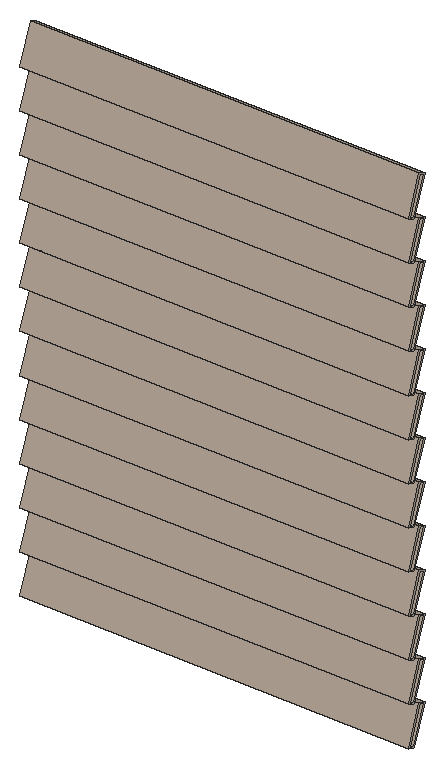
Revit family "LOUVERED_ALUMINUM_PLANK_PANEL", category Specialty Equipment, Revit 2026
Family settings
  Round Connector Dimension = Use Diameter
  Part Type = Normal
  Classification Number = 23.55.00.00
  Work Plane-Based = No
  Enable Cutting in Views = No
  Always vertical = No
  Cut with Voids When Loaded = No
  Maintain Annotation Orientation = No
  Shared = No
  Room Calculation Point = No
Parameters (values of type "Assembly")
  Width [instance] = if(Desired Overall Width < C Min Width, C Min Width, if(Desired Overall Width > C Max Width, C Max Width, Desired Overall Width))  # 4' - 0"
  Warranty URL = "https://palmshieldlouvers.com/wp-content/uploads/2020/01/PalmSHIELD-Warranty-NO-SIGN-LINE.pdf"
  Version = "2020 - v1.0a"  # constant formula
  URL = "https://palmshieldlouvers.com/"
  Product Page URL = "https://palmshieldlouvers.com/products/augustus-solid/"
  Product Documentation Link = "https://palmshieldlouvers.com/wp-content/uploads/2020/05/PalmSHIELD-Solid-Composite-Technical-Data-Sheet.pdf"
  Offset From Surface = 0' - 2"  # constant formula
  Model = "Mercury Economic Louver - Aluminum"  # constant formula
  Material = Metal - PalmSHIELD - Grey Beige
  Manufacturer Phone Number = "531-329-4406 "  # constant formula
  Manufacturer Email = "mailto: info@palmshieldlouvers.com"
  Manufacturer Address = "12330 Cary Circle, La Vista, NE 68128"  # constant formula
  Manufacturer = "PalmSHIELD"  # constant formula
  Louver Finish = Metal - PalmSHIELD - Grey Beige
  Keynote = "05 10 00"
  Instruction Sheet Link = "https://palmshieldlouvers.com/wp-content/uploads/2020/01/PalmSHIELD-Post-Panel-Gate-Installation-Instructions-REV-1.pdf"
  ID [instance] = "Not Assigned"
  Height [instance] = if(Desired Overall Height < C Min Height, C Min Height, if(Desired Overall Height > C Max Height, C Max Height, Desired Overall Height))  # 6' - 0"
  Desired Overall Width [instance] = 4' - 0"
  Desired Overall Height [instance] = 6' - 0"
  Desired Bottom Angle [instance] = 0.00°
  Description = "Mercury Economic Louver - Aluminum - Panel Assembly"  # constant formula
  Default Elevation = 0' - 0"
  Copyright = "Copyright ©2024 The American Fence Company and PalmSHIELD. All Rights Reserved."  # constant formula
  Component Vis [instance] = yes
  Component Name [instance] = "Mercury Economic Louver - Aluminum"  # constant formula
  C Min Width [instance] = 4' - 0"  # constant formula
  C Min Height [instance] = C Min Width  # 4' - 0"
  C Max Width [instance] = 6' - 0"  # constant formula
  C Max Height [instance] = 8' - 0"  # constant formula
  C Angle [instance] = if(Desired Bottom Angle > 10.00°, 10.00°, if(Desired Bottom Angle < -10.00°, -10.00°, Desired Bottom Angle))  # 0.00°
  Assembly Code = "F1020100"
Reference planes (in)
  plane 1 "Center (Front/Back)": y = 0
  plane 2: z = 0
  plane 3 "Center (Left/Right)": x = 0
  plane 4: z = 72
  plane 5: x = 48
  plane 6: y = 3
  plane 7: y = 1.5
Lines and regions (in)
  reference lines
    curve 1: line (48, 0, 96.95698) -> (48, 0, -11)
    curve 2: line (-20.8931, 0, 72) -> (71.1069, 0, 72)
Dimensions and locks (in)
  "Desired Overall Height": curve 2 to level
  "Desired Overall Width": curve 1 to plane 3 "Center (Left/Right)"
  "Height": plane 4 to level
  "Width": plane 5 to plane 3 "Center (Left/Right)"
  equal spacing: plane 1 "Center (Front/Back)", plane 7, plane 6
  aligned and locked: plane 2 to level
Automatic sketch dimensions
  curve 2 to plane 3 "Center (Left/Right)" = 1' - 8.8931"
  plane 5 to curve 2 = 1' - 11.1069"
  curve 1 to level = 0' - 11"
  plane 4 to curve 1 = 2' - 0.95698"
Nested families (in)
  nested 1: "Screening-Louver-Assembly-Panel-Palmshield-Mercury_Economic_Louver-Aluminum" at (0, -2, 0), Desired Overall Height <- "Desired Overall Height", Desired Overall Width <- "Desired Overall Width", ID <- "ID", Component Vis <- "Component Vis", type "Assembly"
    with Width 4' - 0", Louver Length 4' - 3 3/4", ID "Not Assigned", Height 6' - 0", Desired Overall Width 4' - 0", Desired Overall Height 6' - 0", Component Vis yes, Component Name "Mercury Economic - Panel Assembly - Aluminum", C Top Post Length 4' - 0", C Straight Corner Angle 45.00°, C Slope Angle 0.00°, C Side Frame Width 0' - 0 7/8", C Side Adjustment 0' - 0", C Rib Thickness Bottom Offset 0' - 0", C Rib Bottom Side Offset 0' - 0", C Louver Offset 0' - 0 1/8", C Louver Count 13, C Hip 4' - 0", C Frame Offset 0' - 0 3/8", C Desired Bottom Angle 0.00°, C B-Side Post Length 6' - 0", C B-Side Angle 45.00°, C Angle 90.00°, C A-Side Post Length 6' - 0", C A-Side Angle 45.00°
  nested 2: "Nested-Louvers-Palmshield-Mercury_Economic_Aluminum" at (-1.875, -0.41433, 8.61558) x (0, 1, 0) z (1, 0, 0), type "6063 T6 ALUM 5""
    with Material Metal - PalmSHIELD - Grey Beige, Length 4' - 3 3/4", ID "Not Assigned", Component Name "Mercury Economic - Aluminum - Louvers"
  nested 3: "Nested-Louvers-Palmshield-Mercury_Economic_Aluminum" at (-1.875, -0.41433, 13.87605) x (0, 1, 0) z (1, 0, 0), type "6063 T6 ALUM 5""
    with Material Metal - PalmSHIELD - Grey Beige, Length 4' - 3 3/4", ID "Not Assigned", Component Name "Mercury Economic - Aluminum - Louvers"
  nested 4: "Nested-Louvers-Palmshield-Mercury_Economic_Aluminum" at (-1.875, -0.41433, 19.13652) x (0, 1, 0) z (1, 0, 0), type "6063 T6 ALUM 5""
    with Material Metal - PalmSHIELD - Grey Beige, Length 4' - 3 3/4", ID "Not Assigned", Component Name "Mercury Economic - Aluminum - Louvers"
  nested 5: "Nested-Louvers-Palmshield-Mercury_Economic_Aluminum" at (-1.875, -0.41433, 24.39698) x (0, 1, 0) z (1, 0, 0), type "6063 T6 ALUM 5""
    with Material Metal - PalmSHIELD - Grey Beige, Length 4' - 3 3/4", ID "Not Assigned", Component Name "Mercury Economic - Aluminum - Louvers"
  nested 6: "Nested-Louvers-Palmshield-Mercury_Economic_Aluminum" at (-1.875, -0.41433, 29.65745) x (0, 1, 0) z (1, 0, 0), type "6063 T6 ALUM 5""
    with Material Metal - PalmSHIELD - Grey Beige, Length 4' - 3 3/4", ID "Not Assigned", Component Name "Mercury Economic - Aluminum - Louvers"
  nested 7: "Nested-Louvers-Palmshield-Mercury_Economic_Aluminum" at (-1.875, -0.41433, 34.91791) x (0, 1, 0) z (1, 0, 0), type "6063 T6 ALUM 5""
    with Material Metal - PalmSHIELD - Grey Beige, Length 4' - 3 3/4", ID "Not Assigned", Component Name "Mercury Economic - Aluminum - Louvers"
  nested 8: "Nested-Louvers-Palmshield-Mercury_Economic_Aluminum" at (-1.875, -0.41433, 40.17838) x (0, 1, 0) z (1, 0, 0), type "6063 T6 ALUM 5""
    with Material Metal - PalmSHIELD - Grey Beige, Length 4' - 3 3/4", ID "Not Assigned", Component Name "Mercury Economic - Aluminum - Louvers"
  nested 9: "Nested-Louvers-Palmshield-Mercury_Economic_Aluminum" at (-1.875, -0.41433, 45.43885) x (0, 1, 0) z (1, 0, 0), type "6063 T6 ALUM 5""
    with Material Metal - PalmSHIELD - Grey Beige, Length 4' - 3 3/4", ID "Not Assigned", Component Name "Mercury Economic - Aluminum - Louvers"
  nested 10: "Nested-Louvers-Palmshield-Mercury_Economic_Aluminum" at (-1.875, -0.41433, 50.69931) x (0, 1, 0) z (1, 0, 0), type "6063 T6 ALUM 5""
    with Material Metal - PalmSHIELD - Grey Beige, Length 4' - 3 3/4", ID "Not Assigned", Component Name "Mercury Economic - Aluminum - Louvers"
  nested 11: "Nested-Louvers-Palmshield-Mercury_Economic_Aluminum" at (-1.875, -0.41433, 55.95978) x (0, 1, 0) z (1, 0, 0), type "6063 T6 ALUM 5""
    with Material Metal - PalmSHIELD - Grey Beige, Length 4' - 3 3/4", ID "Not Assigned", Component Name "Mercury Economic - Aluminum - Louvers"
  nested 12: "Nested-Louvers-Palmshield-Mercury_Economic_Aluminum" at (-1.875, -0.41433, 61.22024) x (0, 1, 0) z (1, 0, 0), type "6063 T6 ALUM 5""
    with Material Metal - PalmSHIELD - Grey Beige, Length 4' - 3 3/4", ID "Not Assigned", Component Name "Mercury Economic - Aluminum - Louvers"
  nested 13: "Nested-Louvers-Palmshield-Mercury_Economic_Aluminum" at (-1.875, -0.41433, 3.35512) x (0, 1, 0) z (1, 0, 0), type "6063 T6 ALUM 5""
    with Material Metal - PalmSHIELD - Grey Beige, Length 4' - 3 3/4", ID "Not Assigned", Component Name "Mercury Economic - Aluminum - Louvers"
  nested 14: "Nested-Louvers-Palmshield-Mercury_Economic_Aluminum" at (-1.875, -0.41433, 66.48071) x (0, 1, 0) z (1, 0, 0), type "6063 T6 ALUM 5""
    with Material Metal - PalmSHIELD - Grey Beige, Length 4' - 3 3/4", ID "Not Assigned", Component Name "Mercury Economic - Aluminum - Louvers"
Definition of nested family "Nested-Louvers-Palmshield-Mercury_Economic_Aluminum"
  Parameters (values of type "6063 T6 ALUM 5"")
    Width = 0' - 5"  # constant formula
    Warranty URL = "https://palmshieldlouvers.com/wp-content/uploads/2020/01/PalmSHIELD-Warranty-NO-SIGN-LINE.pdf"
    Version = "2020 - v1.0a"  # constant formula
    URL = "https://palmshieldlouvers.com/"
    Thickness = 0' - 0 1/16"  # constant formula
    Product Page URL = "Contact Manufacturer for More Information"
    Product Documentation Link = "Contact Manufacturer for More Information"
    Model = "Mercury Economic"  # constant formula
    Material [instance] = none
    Manufacturer Phone Number = "531-329-4406 "  # constant formula
    Manufacturer Fax Number = "Consult Manufacturer Website for More Information"  # constant formula
    Manufacturer Email = "mailto: info@palmshieldlouvers.com"
    Manufacturer Address = "12330 Cary Circle, La Vista, NE 68128"  # constant formula
    Manufacturer = "PalmSHIELD"  # constant formula
    Length [instance] = 4' - 4.86713"
    Keynote = "05 10 00"
    Instruction Sheet Link = "Contact Manufacturer for More Information"
    ID [instance] = ""
    Description = "Mercury Economic - Louvers"  # constant formula
    Default Elevation = 4' - 0"
    Copyright = "Copyright ©2024 The American Fence Company and PalmSHIELD. All Rights Reserved."  # constant formula
    Component Name [instance] = "Mercury Economic - Aluminum - Louvers"  # constant formula
    C Hole Offset = 0' - 1 1/2"  # constant formula
    Assembly Code = "F1020100"
  Reference planes (in)
    plane 1 "Center (Front/Back)": y = 0
    plane 2: z = 0
    plane 3 "Center (Left/Right)": x = 0
    plane 4: z = 52.86713
    plane 5: y = 2.80145
  Forms (in)
    Extrusion 1, solid
      sketch origin (0, 0, 0) x (1, 0, 0) y (0, 1, 0)
        loop
          line (-48, 48) -> (-48, -48) -> (48, -48) -> (48, 48) -> (-48, 48)
      from 0 to -12
    Sweep 2, solid, material <- "Material"
      path origin (0, 0, 0) x (0, 1, 0) y (0, 0, 1)
        loop
          line (0, 0) -> (0, 52.86713)
      profile "Profile-Palmshield-Louver : 6063 T6 ALUM 5"" origin (0, 0, 26.43357) x (0, -1, 0) y (1, 0, 0)
        loop
          line (0, 0) -> (-4.69846, 1.7101) -> (-5.01928, 0.82867) -> (-0.32081, -0.88143) -> (0, 0)
        loop
          line (-0.08011, -0.03735) -> (-4.66111, 1.62999) -> (-4.93917, 0.86602) -> (-0.35817, -0.80132) -> (-0.08011, -0.03735)
  Dimensions and locks (in)
    "Length": plane 4 to plane 2
    locked: plane 1 "Center (Front/Back)" to plane 5 at 2.80145
    aligned and locked: plane 2 to Extrusion 1
    aligned and locked: level to Extrusion 1
    aligned and locked: plane 1 "Center (Front/Back)" to Sweep 2 sketch curve
    aligned and locked: plane 4 to Sweep 2 sketch curve
  Automatic sketch dimensions
    Extrusion 1 sketch curve to Extrusion 1 sketch curve = 8' - 0"  (x2)
    Sweep 2 sketch curve to level = 0' - 0"
Definition of nested family "Screening-Louver-Assembly-Panel-Palmshield-Mercury_Economic_Louver-Aluminum"
  Parameters (values of type "Default")
    Width [instance] = if(Desired Overall Width < 4' 0", 4' 0", if(Desired Overall Width > 5' 0", 5' 0", Desired Overall Width))  # 4' - 0"
    Warranty URL = "https://palmshieldlouvers.com/wp-content/uploads/2020/01/PalmSHIELD-Warranty-NO-SIGN-LINE.pdf"
    Version = "2020 - v1.0a"  # constant formula
    URL = "https://palmshieldlouvers.com/"
    Offset From Surface = 0' - 3 1/2"  # constant formula
    Material = none
    Louver Separation = 0' - 4.89409"  # constant formula
    Product Page URL = "https://palmshieldlouvers.com/products/mercury-eco-louvers/"
    Product Documentation Link = "https://palmshieldlouvers.com/wp-content/uploads/2022/01/Mercury-Economic-Aluminum-Vinyl-Technical-Data.pdf"
    Model = "Mercury Economic"  # constant formula
    Manufacturer Phone Number = "531-329-4406 "  # constant formula
    Manufacturer Fax Number = "Consult Manufacturer Website for More Information"  # constant formula
    Manufacturer Email = "mailto: info@palmshieldlouvers.com"
    Manufacturer Address = "12330 Cary Circle, La Vista, NE 68128"  # constant formula
    Manufacturer = "PalmSHIELD"  # constant formula
    Louver Length [instance] = Width + 2 * C Frame Overlap  # 4' - 3 3/4"
    Keynote = "05 10 00"
    Instruction Sheet Link = "https://palmshieldlouvers.com/wp-content/uploads/2021/09/PalmSHIELD-Mercury-Series-Post-Panel-Gate-Installation-Instructions-2.docx"
    ID [instance] = "Not Assgined"
    Height [instance] = if(Desired Overall Height < 3' 0", 3' 0", if(Desired Overall Height > 12' 0", 12' 0", Desired Overall Height))  # 6' - 0 1/2"
    Component Vis [instance] = yes
    C Frame Width = 0' - 4"  # constant formula
    C Frame Thickness = 0' - 0 1/8"  # constant formula
    Desired Overall Width [instance] = 4' - 0"
    Desired Overall Height [instance] = 6' - 0 1/2"
    Description = "Mercury Economic - Panel Assembly"  # constant formula
    Default Elevation = 4' - 0"
    Copyright = "Copyright ©2024 The American Fence Company and PalmSHIELD. All Rights Reserved."  # constant formula
    Component Name [instance] = "Mercury Economic - Panel Assembly - Aluminum"  # constant formula
    C Top Post Length [instance] = Width  # 4' - 0"
    C Top Offset = 0' - 5.51929"  # constant formula
    C Straight Corner Angle [instance] = 45.00°  # constant formula
    C Slope Angle [instance] = if(C Desired Bottom Angle < -25.00°, 25.00°, if(C Desired Bottom Angle > 25.00°, 25.00°, C Desired Bottom Angle))  # 0.00°
    C Side Frame Width [instance] = 0' - 0 7/8"  # constant formula
    C Rib Thickness Bottom Offset [instance] = 0' - 0"  # constant formula
    C Rib Bottom Side Offset [instance] = if(C Slope Angle < 0.00°, -C Frame Thickness * sin(C Slope Angle), C Frame Thickness * sin(C Slope Angle))  # 0' - 0"
    C Louver Overlap = 0' - 0 1/2"  # constant formula
    C Louver Offset [instance] = 0' - 0 1/8"  # constant formula
    C Louver Count [instance] = roundup((Height - C Top Offset - C Bottom Offset) / Louver Separation)  # 14
    C Hip [instance] = Width / cos(C Slope Angle)  # 4' - 0"
    C Side Adjustment [instance] = -C Hip * sin(C Slope Angle)  # 0' - 0"
    C Frame Overlap = 0' - 1 7/8"  # constant formula
    C Frame Offset [instance] = C Side Frame Width - 0' 0 1/2"  # 0' - 0 3/8"
    C Bottom Offset = 0' - 3.35512"  # constant formula
    C B-Side Post Length [instance] = Height + C Side Adjustment  # 6' - 0 1/2"
    C B-Side Angle [instance] = (90.00° - C Slope Angle) / 2  # 45.00°
    C Angle [instance] = if(C Slope Angle < -25.00°, 90.00° - 25.00°, if(C Slope Angle > 25.00°, 90.00° + 25.00°, 90.00° - C Slope Angle))  # 90.00°
    C Desired Bottom Angle [instance] = 0.00°  # constant formula
    C A-Side Post Length [instance] = Height  # 6' - 0 1/2"
    C A-Side Angle [instance] = (90.00° + C Slope Angle) / 2  # 45.00°
    Assembly Code = "F1020100"
  Reference planes (in)
    plane 1: y = 0
    plane 2: z = 0
    plane 3 "Side A": x = 0
    plane 4 "Top": z = 72.5
    plane 5 "Side B": x = 48
    plane 6: y = 4
    plane 7: z = 72.5
    plane 8: x = 0
    plane 9: x = -1.875
    plane 10 "Center (Front/Back)": y = 2
    plane 11: x = 24
    plane 12: z = 3.35512
    plane 13: z = 66.98071
    plane 14: y = 1.58567
  Forms (in)
    Extrusion 1, solid
      sketch origin (0, 0, 0) x (1, 0, 0) y (0, 1, 0)
        loop
          line (-48, 48) -> (-48, -48) -> (48, -48) -> (48, 48) -> (-48, 48)
      from 0 to -12
  Lines and regions (in)
    reference lines
      curve 1: line (0, 0, 3.50116) -> (84, 0, 3.50116)
      curve 2: line (15.625, 0, 3.50116) -> (26.375, 0, 3.50116)
      curve 3: line (31.625, 0, 3.50116) -> (41.625, 0, 3.50116)
      curve 4: line (-25.16346, 0, 72.5) -> (91.1024, 0, 72.5)
      curve 5: line (48, 0, 3.50116) -> (53.25, 0, 3.50116)
      curve 6: line (48, 0, 92.41427) -> (48, 0, -22.08573)
  Dimensions and locks (in)
    "Width": plane 5 "Side B" to plane 3 "Side A"
    plane 3 "Side A" to plane 5 "Side B" = 4' - 0"
    plane 4 "Top" to plane 7 = 0' - 0"
    "C Rib Bottom Side Offset": plane 3 "Side A" to plane 8
    equal spacing: plane 1, plane 10 "Center (Front/Back)", plane 6
    equal spacing: plane 3 "Side A", plane 11, plane 5 "Side B"
    "C Frame Overlap": plane 3 "Side A" to plane 9
    "C Bottom Offset": plane 12 to plane 2
    "C Top Offset": plane 7 to plane 13
    equal spacing: group 1, group 3, group 4, group 5, group 6, group 7, group 8, group 9, group 10, group 11, group 12, group 13, group 14, group 2  (x2)
    equal spacing: group 2, group 14, group 13, group 12, group 11, group 10, group 9, group 8, group 7, group 6, group 5, group 4, group 3, group 1
    "Desired Overall Width": curve 6 to plane 3 "Side A"
    "C Frame Width": plane 6 to plane 1
    locked: plane 10 "Center (Front/Back)" to plane 14 at 0.41433
    "Desired Overall Height": curve 4 to plane 2
    "Height": plane 4 "Top" to plane 2
    "C Angle": angle curve 1 to plane 3 "Side A"
    locked: curve 5 to plane 5 "Side B" (angle 90.00°)
    aligned and locked: plane 2 to Extrusion 1
    aligned and locked: level to Extrusion 1
    aligned and locked: plane 3 "Side A" to curve 1
    aligned and locked: plane 12 to nested 2
    aligned and locked: plane 13 to nested 1
    aligned and locked: nested 2 to plane 14
    aligned and locked: nested 1 to plane 14
  Automatic sketch dimensions
    Extrusion 1 sketch curve to Extrusion 1 sketch curve = 8' - 0"  (x2)
    curve 5 to plane 5 "Side B" = 0' - 0"
    curve 4 to plane 9 = 1' - 11.28846"
    curve 2 to plane 12 = 0' - 0.14604"
    curve 2 to plane 11 = 0' - 8 3/8"
    plane 11 to curve 2 = 0' - 2 3/8"
    curve 3 to plane 12 = 0' - 0.14604"
    curve 2 to curve 3 = 0' - 5 1/4"
    curve 3 to curve 5 = 0' - 6 3/8"
    plane 5 "Side B" to curve 4 = 3' - 7.1024"
    curve 5 to plane 12 = 0' - 0.14604"
    curve 6 to level = 1' - 10.08573"
    plane 4 "Top" to curve 6 = 1' - 7.91427"
  Nested families (in)
    nested 1: "Nested-Louvers-Palmshield-Mercury_Economic_Aluminum" at (-1.875, 1.58567, 66.98071) x (0, 1, 0) z (1, 0, 0), Length <- "Louver Length", ID <- "ID", Material <- "Material", visible <- "Component Vis", type "6063 T6 ALUM 5""
      with Material none, Length 4' - 3 3/4", ID "Not Assgined", Component Name "Mercury Economic - Aluminum - Louvers"
    nested 2: "Nested-Louvers-Palmshield-Mercury_Economic_Aluminum" at (-1.875, 1.58567, 3.35512) x (0, 1, 0) z (1, 0, 0), Length <- "Louver Length", ID <- "ID", Material <- "Material", visible <- "Component Vis", type "6063 T6 ALUM 5""
      with Material none, Length 4' - 3 3/4", ID "Not Assgined", Component Name "Mercury Economic - Aluminum - Louvers"
    nested 3: "Nested-Louvers-Palmshield-Mercury_Economic_Aluminum" at (-1.875, 1.58567, 62.08643) x (0, 1, 0) z (1, 0, 0), Length <- "Louver Length", ID <- "ID", Material <- "Material", visible <- "Component Vis", type "6063 T6 ALUM 5""
      with Material none, Length 4' - 3 3/4", ID "Not Assgined", Component Name "Mercury Economic - Aluminum - Louvers"
    nested 4: "Nested-Louvers-Palmshield-Mercury_Economic_Aluminum" at (-1.875, 1.58567, 57.19216) x (0, 1, 0) z (1, 0, 0), Length <- "Louver Length", ID <- "ID", Material <- "Material", visible <- "Component Vis", type "6063 T6 ALUM 5""
      with Material none, Length 4' - 3 3/4", ID "Not Assgined", Component Name "Mercury Economic - Aluminum - Louvers"
    nested 5: "Nested-Louvers-Palmshield-Mercury_Economic_Aluminum" at (-1.875, 1.58567, 52.29788) x (0, 1, 0) z (1, 0, 0), Length <- "Louver Length", ID <- "ID", Material <- "Material", visible <- "Component Vis", type "6063 T6 ALUM 5""
      with Material none, Length 4' - 3 3/4", ID "Not Assgined", Component Name "Mercury Economic - Aluminum - Louvers"
    nested 6: "Nested-Louvers-Palmshield-Mercury_Economic_Aluminum" at (-1.875, 1.58567, 47.4036) x (0, 1, 0) z (1, 0, 0), Length <- "Louver Length", ID <- "ID", Material <- "Material", visible <- "Component Vis", type "6063 T6 ALUM 5""
      with Material none, Length 4' - 3 3/4", ID "Not Assgined", Component Name "Mercury Economic - Aluminum - Louvers"
    nested 7: "Nested-Louvers-Palmshield-Mercury_Economic_Aluminum" at (-1.875, 1.58567, 42.50933) x (0, 1, 0) z (1, 0, 0), Length <- "Louver Length", ID <- "ID", Material <- "Material", visible <- "Component Vis", type "6063 T6 ALUM 5""
      with Material none, Length 4' - 3 3/4", ID "Not Assgined", Component Name "Mercury Economic - Aluminum - Louvers"
    nested 8: "Nested-Louvers-Palmshield-Mercury_Economic_Aluminum" at (-1.875, 1.58567, 37.61505) x (0, 1, 0) z (1, 0, 0), Length <- "Louver Length", ID <- "ID", Material <- "Material", visible <- "Component Vis", type "6063 T6 ALUM 5""
      with Material none, Length 4' - 3 3/4", ID "Not Assgined", Component Name "Mercury Economic - Aluminum - Louvers"
    nested 9: "Nested-Louvers-Palmshield-Mercury_Economic_Aluminum" at (-1.875, 1.58567, 32.72078) x (0, 1, 0) z (1, 0, 0), Length <- "Louver Length", ID <- "ID", Material <- "Material", visible <- "Component Vis", type "6063 T6 ALUM 5""
      with Material none, Length 4' - 3 3/4", ID "Not Assgined", Component Name "Mercury Economic - Aluminum - Louvers"
    nested 10: "Nested-Louvers-Palmshield-Mercury_Economic_Aluminum" at (-1.875, 1.58567, 27.8265) x (0, 1, 0) z (1, 0, 0), Length <- "Louver Length", ID <- "ID", Material <- "Material", visible <- "Component Vis", type "6063 T6 ALUM 5""
      with Material none, Length 4' - 3 3/4", ID "Not Assgined", Component Name "Mercury Economic - Aluminum - Louvers"
    nested 11: "Nested-Louvers-Palmshield-Mercury_Economic_Aluminum" at (-1.875, 1.58567, 22.93222) x (0, 1, 0) z (1, 0, 0), Length <- "Louver Length", ID <- "ID", Material <- "Material", visible <- "Component Vis", type "6063 T6 ALUM 5""
      with Material none, Length 4' - 3 3/4", ID "Not Assgined", Component Name "Mercury Economic - Aluminum - Louvers"
    nested 12: "Nested-Louvers-Palmshield-Mercury_Economic_Aluminum" at (-1.875, 1.58567, 18.03795) x (0, 1, 0) z (1, 0, 0), Length <- "Louver Length", ID <- "ID", Material <- "Material", visible <- "Component Vis", type "6063 T6 ALUM 5""
      with Material none, Length 4' - 3 3/4", ID "Not Assgined", Component Name "Mercury Economic - Aluminum - Louvers"
    nested 13: "Nested-Louvers-Palmshield-Mercury_Economic_Aluminum" at (-1.875, 1.58567, 13.14367) x (0, 1, 0) z (1, 0, 0), Length <- "Louver Length", ID <- "ID", Material <- "Material", visible <- "Component Vis", type "6063 T6 ALUM 5""
      with Material none, Length 4' - 3 3/4", ID "Not Assgined", Component Name "Mercury Economic - Aluminum - Louvers"
    nested 14: "Nested-Louvers-Palmshield-Mercury_Economic_Aluminum" at (-1.875, 1.58567, 8.24939) x (0, 1, 0) z (1, 0, 0), Length <- "Louver Length", ID <- "ID", Material <- "Material", visible <- "Component Vis", type "6063 T6 ALUM 5""
      with Material none, Length 4' - 3 3/4", ID "Not Assgined", Component Name "Mercury Economic - Aluminum - Louvers"
  Definition of nested family "Nested-Louvers-Palmshield-Mercury_Economic_Aluminum"
    Parameters (values of type "6063 T6 ALUM 5"")
      Width = 0' - 5"  # constant formula
      Warranty URL = "https://palmshieldlouvers.com/wp-content/uploads/2020/01/PalmSHIELD-Warranty-NO-SIGN-LINE.pdf"
      Version = "2020 - v1.0a"  # constant formula
      URL = "https://palmshieldlouvers.com/"
      Thickness = 0' - 0 1/16"  # constant formula
      Product Page URL = "Contact Manufacturer for More Information"
      Product Documentation Link = "Contact Manufacturer for More Information"
      Model = "Mercury Economic"  # constant formula
      Material [instance] = none
      Manufacturer Phone Number = "531-329-4406 "  # constant formula
      Manufacturer Fax Number = "Consult Manufacturer Website for More Information"  # constant formula
      Manufacturer Email = "mailto: info@palmshieldlouvers.com"
      Manufacturer Address = "12330 Cary Circle, La Vista, NE 68128"  # constant formula
      Manufacturer = "PalmSHIELD"  # constant formula
      Length [instance] = 4' - 4.86713"
      Keynote = "05 10 00"
      Instruction Sheet Link = "Contact Manufacturer for More Information"
      ID [instance] = ""
      Description = "Mercury Economic - Louvers"  # constant formula
      Default Elevation = 4' - 0"
      Copyright = "Copyright ©2024 The American Fence Company and PalmSHIELD. All Rights Reserved."  # constant formula
      Component Name [instance] = "Mercury Economic - Aluminum - Louvers"  # constant formula
      C Hole Offset = 0' - 1 1/2"  # constant formula
      Assembly Code = "F1020100"
    Reference planes (in)
      plane 1 "Center (Front/Back)": y = 0
      plane 2: z = 0
      plane 3 "Center (Left/Right)": x = 0
      plane 4: z = 52.86713
      plane 5: y = 2.80145
    Forms (in)
      Extrusion 1, solid
        sketch origin (0, 0, 0) x (1, 0, 0) y (0, 1, 0)
          loop
            line (-48, 48) -> (-48, -48) -> (48, -48) -> (48, 48) -> (-48, 48)
        from 0 to -12
      Sweep 2, solid, material <- "Material"
        path origin (0, 0, 0) x (0, 1, 0) y (0, 0, 1)
          loop
            line (0, 0) -> (0, 52.86713)
        profile "Profile-Palmshield-Louver : 6063 T6 ALUM 5"" origin (0, 0, 26.43357) x (0, -1, 0) y (1, 0, 0)
          loop
            line (0, 0) -> (-4.69846, 1.7101) -> (-5.01928, 0.82867) -> (-0.32081, -0.88143) -> (0, 0)
          loop
            line (-0.08011, -0.03735) -> (-4.66111, 1.62999) -> (-4.93917, 0.86602) -> (-0.35817, -0.80132) -> (-0.08011, -0.03735)
    Dimensions and locks (in)
      "Length": plane 4 to plane 2
      locked: plane 1 "Center (Front/Back)" to plane 5 at 2.80145
      aligned and locked: plane 2 to Extrusion 1
      aligned and locked: level to Extrusion 1
      aligned and locked: plane 1 "Center (Front/Back)" to Sweep 2 sketch curve
      aligned and locked: plane 4 to Sweep 2 sketch curve
    Automatic sketch dimensions
      Extrusion 1 sketch curve to Extrusion 1 sketch curve = 8' - 0"  (x2)
      Sweep 2 sketch curve to level = 0' - 0"
